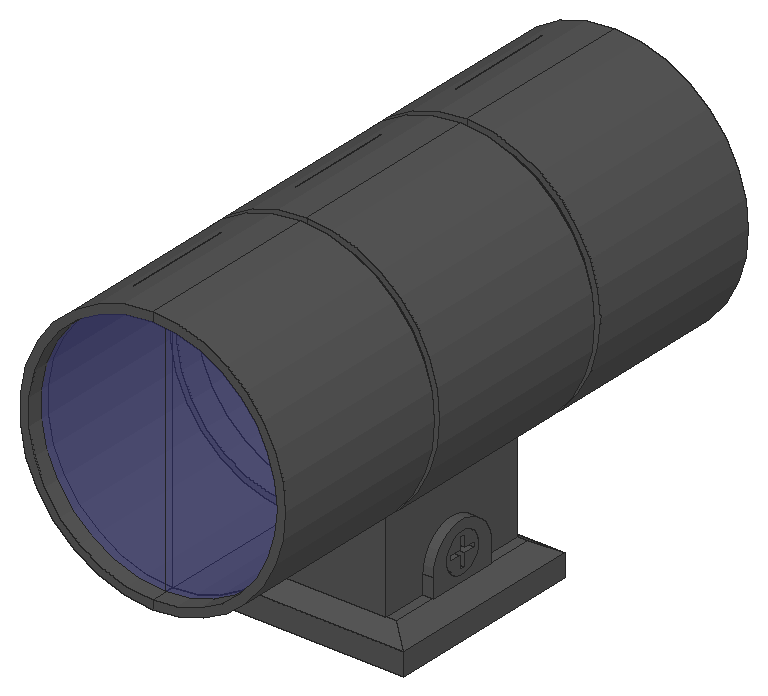
Revit family "CARLO CYLINDER LIGHT WALL MOUNT", category Lighting Fixtures, host Face, Revit 2020 (continued)
Types (10): name | Wattage_Input | Wattage Comments | Wattage | Photometric Web File | built-in parameter 1150142 | Model | built-in parameter 1150105 | Lumens | Light Length 1 | LIGHT RADIUS | LIGHT PLACEMENT | LIGHT LENGTH | LIGHT DIA | built-in parameter 1150106 | FIXED END HEIGHT | Curve base Height | Base Curve | BEAMING ANGLE | Apparent Load
     2.0974 2.3067 2.489 \r\n 2.6823 2.9242 3.1788 3.415 3.6555 3.9151 4.1872 4.4721 4.7637 5.0516 \r\n 5.3489 5.6731 6.0008 6.3061 6.6138 6.9508 7.2852 7.5835 7.8771 8.1873 \r\n 8.5116 8.854 9.2162 9.6112 10.008 10.378 10.728 11.043 11.354 11.686 \r\n 12.045 12.454 12.889 13.274 13.784 14.559 15.632 17.166 18.909 19.954 \r\n 22.425 27.782 37.109 52.845 72.392 94.328 117.57 140.35 163.35 187.29 \r\n 210.36 231.04 249.25 264.74 276.41 281.95 284.72 287.52 289.8 291.88 \r\n 293.98 296.34 299.19 302.89 307.25 312.51 317.66 321.48 324.84 328.45 \r\n 331.61 333.5 335.13 337.25 339.72 342.46 345.98 350.63 356.76 364.85 \r\n 374.85 386.73 400.93 417.8 437.63 460.66 487.39 518.21 553.7 595.16 \r\n 640.84 689.47 740.95 795.07 850.93 907.72 964.92 1021.9 1078.2 1133.1 \r\n 1187.4 1241.5 1295.4 1349.9 1403.8 1455.9 1506.8 1556.9 1605.1 1649.9 \r\n 1692.5 1734.3 1772.9 1805.9 1835.2 1862.4 1887.1 1909.3 1929.2 1947.4 \r\n 1963.5 1977.5 1989.1 1997.9 2004.3 2008.7 2011.5 2013.6 2014.6 2014.5 \r\n 2013.2 \r\n2008.1 2008.8 2002.8 1994.7 1985.4 1975.7 1964.9 1952.9 1939.1 1922.7 \r\n 1904.5 1884.8 1863.5 1840.5 1815.9 1790 1762.2 1731.8 1698.9 1662.9 \r\n 1625.3 1587.6 1548.6 1507.6 1464.3 1418.1 1369.3 1317.9 1264.2 1208.2 \r\n 1150.4 1091.5 1031 968.14 905.23 844.29 785.32 729.02 675.42 624.29 \r\n 577.17 535.65 499.28 468.44 442.22 419.87 401.23 386.13 373.81 363.4 \r\n 354.96 348.4 343.28 339.28 336.07 333.33 330.67 327.38 324.08 321.29 \r\n 318.65 316.09 313.29 309.75 305.88 301.74 297.85 294.87 292.37 290.2 \r\n 288.13 285.94 283.51 281.81 277.37 265.48 250.86 238.17 222.98 200.72 \r\n 176.48 154.69 132.8 108.92 85.499 63.949 45.576 32.417 23.687 20.253 \r\n 19.199 17.622 16.335 15.152 14.172 13.473 12.935 12.464 12.059 11.701 \r\n 11.348 10.924 10.515 10.208 9.9175 9.5737 9.215 8.855 8.4989 8.1558 \r\n 7.8272 7.5231 7.2258 6.9202 6.6084 6.2791 5.9568 5.6771 5.3954 5.0573 \r\n 4.7286 4.4785 4.2417 3.9599 3.6819 3.4459 3.225 3.0038 2.786 2.5665 \r\n 2.3572 2.1754 2.0002 1.8092 1.6242 1.4645 1.3155 1.1637 1.0256 0.91864 \r\n 0.82727 0.7389 0.66228 0.60454 0.55793 0.51722 0.48203 0.45041 0.4218 0.39447 \r\n 0.37005 0.35063 0.33369 0.31611 0.30168 0.29483 0.29053 0.28465 0.27885 0.27352 \r\n 0.26832 0.26302 0.2577 0.25322 0.24708 0.23504 0.22313 0.22279 0.2136 0.17279 \r\n 0.1189 0.056118 0.0048236 0 0.0020021 0.00083736 0.000023 0 0 0 \r\n 0 0 0.000032 0.00012529 0.0039917 0.015343 0.034206 0.059969 0.098254 0.16711 \r\n 0.22864 0.23822 0.23406 0.24493 0.25456 0.25334 0.24999 0.24943 0.25337 0.26751 \r\n 0.28485 0.299 0.31381 0.33125 0.3505 0.37192 0.39395 0.41453 0.43558 0.45831 \r\n 0.48289 0.51096 0.54301 0.58009 0.62216 0.66811 0.72213 0.78811 0.86581 0.95618 \r\n 1.0596 1.1767 1.3076 1.4567 1.6116 1.7523 1.9058 2.1032 2.3113 2.4954 \r\n 2.6907 2.9322 3.1859 3.4226 3.6635 3.9225 4.1924 4.4723 4.7579 5.0393 \r\n 5.3314 5.6545 5.9826 6.2883 6.5961 6.9319 7.2647 7.561 7.8535 8.1653 \r\n 8.4915 8.8335 9.195 9.5927 9.9891 10.347 10.682 10.99 11.295 11.618 \r\n 11.969 12.373 12.807 13.205 13.719 14.457 15.486 16.987 18.723 19.858 \r\n 22.368 27.526 36.614 52.223 71.707 93.687 116.95 139.51 162.31 186.29 \r\n 209.5 230.31 248.66 264.3 276.1 281.71 284.53 287.37 289.68 291.77 \r\n 293.87 296.23 299.1 302.95 307.43 312.69 317.83 321.74 325.14 328.54 \r\n 331.44 333.18 334.69 336.74 339.16 341.87 345.35 349.95 356.03 364.13 \r\n 374.15 386.05 400.26 417.09 436.8 459.59 486.01 516.48 551.61 592.73 \r\n 638.1 686.41 737.55 791.2 846.65 903.29 960.55 1017.8 1074.5 1129.6 \r\n 1184.2 1239 1293.6 1348.5 1402.5 1454.5 1505.1 1555 1602.8 1647.3 \r\n 1689.5 1731 1769.4 1802.2 1831.6 1858.9 1883.7 1906.1 1926.2 1944.6 \r\n 1960.9 1975.1 1987 1996.1 2002.9 2007.6 2010.7 2013 2014.2 2014.3 \r\n 2013.2 \r\n2008.1 2008.8 2002.7 1994.9 1985.7 1975.9 1965.1 1953.1 1939.3 1923 \r\n 1904.7 1884.9 1863.5 1840.3 1815.5 1789.5 1761.4 1730.8 1697.8 1661.9 \r\n 1624.4 1586.6 1547.5 1506.4 1462.9 1416.9 1368.3 1316.9 1263.1 1207.4 \r\n 1149.9 1091 1030.6 967.85 905.03 844.04 785 728.67 675.08 624.02 \r\n 576.93 535.26 498.71 467.82 441.55 419.08 400.31 385.12 372.77 362.5 \r\n 354.22 347.65 342.53 338.67 335.63 333.01 330.49 327.53 324.47 321.49 \r\n 318.57 315.88 313.02 309.55 305.77 301.66 297.77 294.79 292.3 290.15 \r\n 288.1 285.89 283.45 281.68 277.4 266.5 252.67 239.27 223.16 200.93 \r\n 176.83 154.63 132.36 108.64 85.512 64.14 45.844 32.524 23.605 20.16 \r\n 19.137 17.56 16.274 15.094 14.128 13.476 12.985 12.53 12.13 11.773 \r\n 11.421 11.006 10.601 10.283 9.9772 9.6237 9.2591 8.9007 8.5464 8.1975 \r\n 7.8614 7.5534 7.2516 6.9359 6.6155 6.2871 5.9681 5.6886 5.4075 5.0728 \r\n 4.7467 4.495 4.2559 3.9747 3.6976 3.4618 3.2401 3.0144 2.7935 2.5783 \r\n 2.3742 2.1922 2.0158 1.8259 1.6423 1.4831 1.3339 1.18 1.0403 0.93505 \r\n 0.84552 0.75609 0.67785 0.6195 0.57258 0.53167 0.49629 0.46426 0.43536 0.40842 \r\n 0.38415 0.36431 0.34687 0.32955 0.31497 0.30636 0.29963 0.29106 0.2828 0.27614 \r\n 0.26988 0.26313 0.25629 0.25015 0.24269 0.23049 0.21851 0.21599 0.20659 0.17311 \r\n 0.12734 0.067919 0.017114 0.0054972 0.0068169 0.002808 0.000077 0 0 0 \r\n 0 0 0.000025 0.000046 0.0031596 0.011282 0.027928 0.05766 0.099253 0.163 \r\n 0.2189 0.22927 0.22741 0.23918 0.24923 0.24787 0.24402 0.24284 0.24599 0.25898 \r\n 0.2755 0.29014 0.30581 0.32396 0.34361 0.36433 0.38592 0.40811 0.43066 0.45257 \r\n 0.47595 0.50374 0.53541 0.5711 0.61166 0.65674 0.71018 0.77565 0.85336 0.94454 \r\n 1.0498 1.171 1.3055 1.4539 1.6085 1.7549 1.9133 2.1076 2.3116 2.4973 \r\n 2.6945 2.934 3.1854 3.4221 3.6635 3.9233 4.192 4.4641 4.7415 5.0208 \r\n 5.3123 5.6333 5.9595 6.2645 6.5724 6.909 7.2425 7.5384 7.8315 8.1479 \r\n 8.4793 8.8249 9.1878 9.5842 9.9733 10.31 10.624 10.922 11.22 11.529 \r\n 11.866 12.262 12.69 13.089 13.599 14.312 15.309 16.762 18.477 19.676 \r\n 22.281 27.54 36.705 52.308 71.757 93.684 116.94 139.67 162.61 186.54 \r\n 209.47 229.44 247.16 263.41 276.01 281.73 284.49 287.31 289.6 291.7 \r\n 293.83 296.22 299.15 303.1 307.64 312.77 317.78 321.87 325.4 328.53 \r\n 331.12 332.84 334.38 336.34 338.68 341.45 344.99 349.53 355.56 363.71 \r\n 373.81 385.75 399.94 416.68 436.26 458.87 485.11 515.49 550.54 591.53 \r\n 636.81 685.25 736.45 789.74 844.79 901.24 958.52 1016.2 1073.5 1129 \r\n 1184.1 1240.1 1295.9 1350.9 1404.6 1455.9 1505.6 1554.5 1601.7 1646 \r\n 1688.1 1729.1 1767 1799.6 1828.9 1856.2 1881.1 1903.7 1924.1 1942.8 \r\n 1959.3 1973.5 1985.4 1994.6 2001.5 2006.5 2010 2012.6 2014 2014.2 \r\n 2013.2 \r\n2008.1 2008.8 2002.8 1995.1 1986.1 1976.3 1965.3 1953.3 1939.6 1923.3 \r\n 1905 1885 1863.4 1840.1 1815.1 1788.8 1760.5 1729.7 1696.5 1660.7 \r\n 1623.2 1585.5 1546.2 1504.8 1461.2 1415.3 1366.8 1315.4 1261.7 1206.4 \r\n 1149.3 1090.5 1030.1 967.56 904.9 843.89 784.79 728.48 674.94 624.01 \r\n 576.99 535.16 498.42 467.47 441.15 418.55 399.64 384.34 371.94 361.77 \r\n 353.6 347.01 341.89 338.16 335.29 332.79 330.41 327.75 324.89 321.72 \r\n 318.51 315.68 312.76 309.36 305.69 301.59 297.7 294.73 292.24 290.12 \r\n 288.09 285.86 283.4 281.52 277.42 267.77 254.9 240.54 223.24 201.12 \r\n 177.28 154.54 131.77 108.24 85.487 64.338 46.147 32.658 23.528 20.062 \r\n 19.065 17.486 16.2 15.023 14.073 13.468 13.024 12.587 12.193 11.84 \r\n 11.49 11.086 10.688 10.358 10.037 9.6734 9.3022 8.946 8.5945 8.2404 \r\n 7.8973 7.5855 7.2787 6.9519 6.6223 6.2955 5.9807 5.7007 5.4196 5.09 \r\n 4.7685 4.5143 4.272 3.9914 3.7156 3.4799 3.257 3.0264 2.8021 2.592 \r\n 2.3937 2.2108 2.0326 1.8444 1.6629 1.5046 1.3555 1.1999 1.0587 0.95498 \r\n 0.86701 0.77634 0.69634 0.63735 0.59002 0.54857 0.51266 0.47999 0.45068 0.4243 \r\n 0.40034 0.37999 0.36193 0.34489 0.33007 0.3192 0.3095 0.29789 0.28691 0.27876 \r\n 0.27128 0.26275 0.25401 0.24582 0.23675 0.22443 0.21234 0.20689 0.19693 0.17227 \r\n 0.13639 0.081253 0.031274 0.01583 0.012038 0.0048931 0.00013537 0 0 0 \r\n 0 0 0.000017 0 0.0021209 0.0065843 0.020645 0.054494 0.099529 0.1577 \r\n 0.20753 0.21897 0.21977 0.23232 0.2427 0.24149 0.23754 0.23601 0.23846 0.24989 \r\n 0.26511 0.27998 0.29636 0.3151 0.33511 0.35521 0.37642 0.40017 0.42415 0.44519 \r\n 0.46733 0.4947 0.5258 0.55993 0.59888 0.64305 0.69598 0.76119 0.83917 0.93125 \r\n 1.0385 1.1642 1.3028 1.4505 1.6047 1.7573 1.9208 2.1112 2.3105 2.4976 \r\n 2.6968 2.9337 3.1821 3.4185 3.6603 3.921 4.1886 4.4525 4.7217 5 \r\n 5.292 5.6106 5.9343 6.2381 6.5457 6.8835 7.2186 7.5146 7.8087 8.1298 \r\n 8.4665 8.8171 9.1821 9.5753 9.9549 10.271 10.563 10.852 11.143 11.438 \r\n 11.761 12.147 12.568 12.966 13.471 14.166 15.136 16.541 18.231 19.479 \r\n 22.176 27.582 36.874 52.493 71.911 93.763 117 139.98 163.13 186.96 \r\n 209.53 228.52 245.51 262.44 275.94 281.78 284.45 287.24 289.5 291.62 \r\n 293.78 296.21 299.19 303.23 307.83 312.81 317.7 321.95 325.6 328.45 \r\n 330.73 332.48 334.09 335.96 338.22 341.06 344.69 349.16 355.11 363.31 \r\n 373.48 385.46 399.65 416.3 435.75 458.19 484.3 514.67 549.73 590.66 \r\n 635.91 684.58 735.95 788.95 843.65 899.92 957.24 1015.4 1073.2 1129.1 \r\n 1184.8 1242.2 1299.1 1354.1 1407.3 1457.7 1506.2 1554.1 1600.4 1644.5 \r\n 1686.7 1727.2 1764.6 1796.9 1826.1 1853.5 1878.5 1901.2 1921.9 1940.9 \r\n 1957.8 1972 1983.7 1993 2000.1 2005.4 2009.3 2012.1 2013.8 2014.1 \r\n 2013.2 \r\n2008.1 2008.8 2002.8 1995.4 1986.6 1976.7 1965.7 1953.7 1939.9 1923.7 \r\n 1905.4 1885.3 1863.5 1840 1814.9 1788.3 1759.7 1728.6 1695.3 1659.5 \r\n 1622.2 1584.3 1544.9 1503.2 1459.5 1413.6 1365.3 1314 1260.4 1205.4 \r\n 1148.7 1090.1 1029.8 967.55 905.1 844.11 785.01 728.75 675.29 624.5 \r\n 577.54 535.54 498.59 467.56 441.16 418.4 399.32 383.89 371.4 361.25 \r\n 353.13 346.51 341.39 337.78 335.06 332.67 330.43 328.01 325.33 322 \r\n 318.56 315.61 312.63 309.3 305.71 301.6 297.68 294.71 292.23 290.12 \r\n 288.11 285.85 283.37 281.37 277.44 269.13 257.31 241.86 223.25 201.34 \r\n 177.85 154.56 131.23 107.9 85.521 64.602 46.518 32.848 23.492 19.988 \r\n 19.004 17.419 16.131 14.955 14.016 13.451 13.049 12.63 12.244 11.894 \r\n 11.547 11.155 10.766 10.428 10.092 9.7185 9.3411 8.9876 8.6396 8.2814 \r\n 7.9325 7.617 7.3054 6.9684 6.6303 6.3056 5.9949 5.7137 5.4319 5.1083 \r\n 4.7922 4.5354 4.2893 4.0094 3.7349 3.4991 3.2747 3.0394 2.8119 2.6069 \r\n 2.414 2.2296 2.0493 1.863 1.684 1.5268 1.3778 1.2209 1.0785 0.97579 \r\n 0.88876 0.79677 0.71506 0.6554 0.60759 0.5654 0.52875 0.49531 0.46557 0.43979 \r\n 0.41624 0.39543 0.37678 0.35998 0.34483 0.33142 0.31851 0.30401 0.29052 0.28098 \r\n 0.27231 0.26203 0.2514 0.24115 0.23048 0.21821 0.20611 0.19739 0.18656 0.171 \r\n 0.14537 0.094551 0.045322 0.025878 0.016858 0.0067565 0.00018952 0 0 0 \r\n 0 0 0.000008 0 0.0010197 0.0019957 0.013573 0.051208 0.099392 0.1522 \r\n 0.19633 0.20911 0.21273 0.22589 0.23642 0.2356 0.23184 0.23022 0.23208 0.24175 \r\n 0.25537 0.27024 0.28714 0.30634 0.32664 0.34623 0.36716 0.39223 0.4174 0.4377 \r\n 0.45875 0.48556 0.51596 0.5486 0.5861 0.62955 0.68216 0.74726 0.82558 0.91843 \r\n 1.0274 1.1576 1.3001 1.4472 1.601 1.7594 1.9278 2.1142 2.3084 2.497 \r\n 2.6979 2.9318 3.1767 3.4123 3.654 3.9156 4.1822 4.4384 4.7 4.978 \r\n 5.271 5.5871 5.908 6.2099 6.5168 6.856 7.1932 7.4897 7.785 8.11 \r\n 8.4514 8.8075 9.1751 9.5635 9.9326 10.229 10.502 10.784 11.068 11.352 \r\n 11.663 12.039 12.452 12.848 13.35 14.033 14.983 16.348 18.014 19.291 \r\n 22.059 27.605 37.024 52.659 72.048 93.815 117.03 140.28 163.64 187.35 \r\n 209.53 227.6 243.93 261.5 275.84 281.8 284.38 287.13 289.35 291.49 \r\n 293.7 296.17 299.19 303.31 307.95 312.83 317.62 321.99 325.72 328.3 \r\n 330.31 332.1 333.82 335.61 337.79 340.7 344.4 348.78 354.64 362.87 \r\n 373.09 385.1 399.3 415.88 435.22 457.53 483.54 513.95 549.09 589.98 \r\n 635.25 684.21 735.79 788.58 842.98 899.13 956.5 1015 1073.4 1129.7 \r\n 1185.9 1244.4 1302.3 1357.3 1409.9 1459.2 1506.7 1553.3 1598.7 1642.7 \r\n 1684.9 1724.9 1761.8 1794 1823.1 1850.5 1875.6 1898.5 1919.5 1939 \r\n 1956.2 1970.4 1982 1991.3 1998.6 2004.3 2008.5 2011.7 2013.6 2014 \r\n 2013.2 \r\n2008.1 2008.8 2003 1995.8 1987.2 1977.3 1966.2 1954.1 1940.3 1924.2 \r\n 1906.1 1885.8 1863.8 1840.2 1814.9 1788.1 1759.3 1727.9 1694.4 1658.7 \r\n 1621.4 1583.4 1543.8 1501.9 1458 1412.2 1364.1 1312.8 1259.4 1204.7 \r\n 1148.4 1090 1030.1 968.1 905.88 844.99 785.93 729.78 676.42 625.73 \r\n 578.8 536.59 499.38 468.24 441.74 418.77 399.49 383.88 371.25 361.01 \r\n 352.83 346.17 341.06 337.55 334.96 332.66 330.52 328.3 325.76 322.35 \r\n 318.78 315.75 312.73 309.45 305.91 301.74 297.74 294.75 292.27 290.18 \r\n 288.17 285.9 283.4 281.25 277.47 270.47 259.65 243.11 223.22 201.61 \r\n 178.59 154.8 130.93 107.76 85.71 64.987 46.985 33.124 23.533 19.966 \r\n 18.971 17.376 16.088 14.904 13.967 13.43 13.06 12.655 12.277 11.929 \r\n 11.584 11.206 10.827 10.483 10.137 9.7549 9.3722 9.0218 8.6778 8.3173 \r\n 7.9644 7.6457 7.33 6.9853 6.6411 6.3183 6.011 5.7279 5.445 5.127 \r\n 4.8162 4.5569 4.3072 4.0279 3.7545 3.5182 3.2923 3.0533 2.8233 2.6221 \r\n 2.4335 2.2471 2.0644 1.8799 1.7035 1.5471 1.3982 1.2406 1.0974 0.99486 \r\n 0.90782 0.81449 0.73129 0.67098 0.62267 0.57964 0.54214 0.50796 0.4778 0.45259 \r\n 0.42949 0.4084 0.3893 0.37271 0.35713 0.34109 0.32506 0.30827 0.29298 0.28237 \r\n 0.2728 0.26111 0.24896 0.23704 0.22512 0.2132 0.20128 0.18936 0.17744 0.17005 \r\n 0.1536 0.10625 0.057272 0.034113 0.020466 0.008062 0.00023004 0 0 0 \r\n 0 0 0 0 0 0 0.0079238 0.04854 0.099152 0.14749 \r\n 0.18704 0.20147 0.20791 0.22143 0.23188 0.23155 0.22822 0.22673 0.22817 0.23607 \r\n 0.24796 0.26264 0.27985 0.29932 0.3198 0.33907 0.35984 0.3858 0.41177 0.43161 \r\n 0.45193 0.47807 0.50767 0.53913 0.57559 0.62022 0.67133 0.7364 0.81493 0.9082 \r\n 1.0185 1.1521 1.2979 1.4444 1.598 1.7615 1.934 2.1164 2.306 2.4958 \r\n 2.6982 2.9288 3.1699 3.4039 3.645 3.9071 4.1729 4.4226 4.6778 4.9557 \r\n 5.2496 5.5635 5.8815 6.181 6.4865 6.8272 7.1664 7.4637 7.76 8.0873 \r\n 8.4319 8.7937 9.164 9.5463 9.9048 10.187 10.446 10.722 11.002 11.277 \r\n 11.579 11.946 12.353 12.748 13.249 13.927 14.866 16.203 17.849 19.135 \r\n 21.937 27.564 37.054 52.688 72.043 93.729 116.92 140.39 163.94 187.5 \r\n 209.35 226.74 242.59 260.68 275.68 281.72 284.24 286.95 289.14 291.31 \r\n 293.57 296.06 299.11 303.3 307.99 312.83 317.59 322.02 325.77 328.1 \r\n 329.88 331.73 333.54 335.27 337.38 340.35 344.1 348.37 354.11 362.32 \r\n 372.56 384.6 398.81 415.35 434.62 456.82 482.77 513.26 548.5 589.39 \r\n 634.68 683.9 735.7 788.35 842.56 898.65 956.08 1014.9 1073.6 1130.2 \r\n 1186.9 1246.3 1304.9 1359.7 1411.6 1460.1 1506.4 1551.9 1596.4 1640.3 \r\n 1682.4 1722 1758.5 1790.5 1819.7 1847 1872.3 1895.6 1916.9 1936.8 \r\n 1954.3 1968.5 1980.2 1989.5 1997 2003.1 2007.8 2011.2 2013.4 2014 \r\n 2013.2 \r\n2008.1 2009.2 2003.6 1996.4 1987.8 1978.1 1967 1954.8 1941 1925.1 \r\n 1907.1 1886.9 1864.7 1840.9 1815.5 1788.7 1760 1728.6 1695.1 1659.4 \r\n 1622.1 1584.1 1544.5 1502.5 1458.5 1412.6 1364.5 1313.6 1260.6 1205.9 \r\n 1149.4 1091.6 1032.3 970.57 908.54 847.87 789.03 733.13 679.91 629.07 \r\n 581.85 539.28 501.72 470.43 443.78 420.5 400.85 384.99 372.06 361.31 \r\n 352.72 346.1 341.15 337.71 335.15 332.84 330.68 328.42 325.94 322.89 \r\n 319.69 316.78 313.78 310.45 306.77 302.31 298.04 294.98 292.49 290.39 \r\n 288.38 286.11 283.6 281.31 277.51 270.99 260.54 243.42 222.98 201.84 \r\n 179.44 155.73 131.78 108.52 86.365 65.59 47.523 33.507 23.76 20.107 \r\n 19.061 17.454 16.159 14.935 13.957 13.396 13.014 12.613 12.24 11.885 \r\n 11.533 11.159 10.789 10.457 10.122 9.7417 9.3588 9.0127 8.6743 8.3201 \r\n 7.9719 7.6523 7.3359 6.9979 6.6603 6.338 6.0285 5.7421 5.456 5.1378 \r\n 4.8274 4.5681 4.3181 4.0378 3.7633 3.5261 3.3 3.063 2.8344 2.6309 \r\n 2.4387 2.2493 2.0644 1.8803 1.7045 1.5468 1.3968 1.2408 1.0987 0.99317 \r\n 0.90274 0.80845 0.72514 0.66508 0.6171 0.5739 0.53617 0.50192 0.47181 0.44665 \r\n 0.42406 0.40411 0.38601 0.36949 0.35315 0.33454 0.31653 0.3013 0.28838 0.2789 \r\n 0.27029 0.25988 0.2491 0.23846 0.22791 0.21804 0.20745 0.19422 0.1806 0.17353 \r\n 0.15701 0.10664 0.054556 0.030593 0.017298 0.0064296 0.00019443 0 0 0 \r\n 0 0 0 0 0 0.00073461 0.01271 0.052875 0.10264 0.15141 \r\n 0.19215 0.2092 0.21787 0.23093 0.24034 0.23999 0.23684 0.2356 0.23697 0.2437 \r\n 0.25437 0.26881 0.28606 0.30546 0.32609 0.34626 0.36769 0.3927 0.41779 0.43866 \r\n 0.45999 0.48544 0.51388 0.5461 0.584 0.62924 0.68337 0.74776 0.82473 0.91635 \r\n 1.0248 1.1568 1.3013 1.4478 1.602 1.7665 1.9394 2.1191 2.3061 2.498 \r\n 2.7017 2.9285 3.1642 3.3943 3.6322 3.8929 4.1579 4.4062 4.66 4.9364 \r\n 5.2288 5.5416 5.8579 6.1531 6.4547 6.7952
